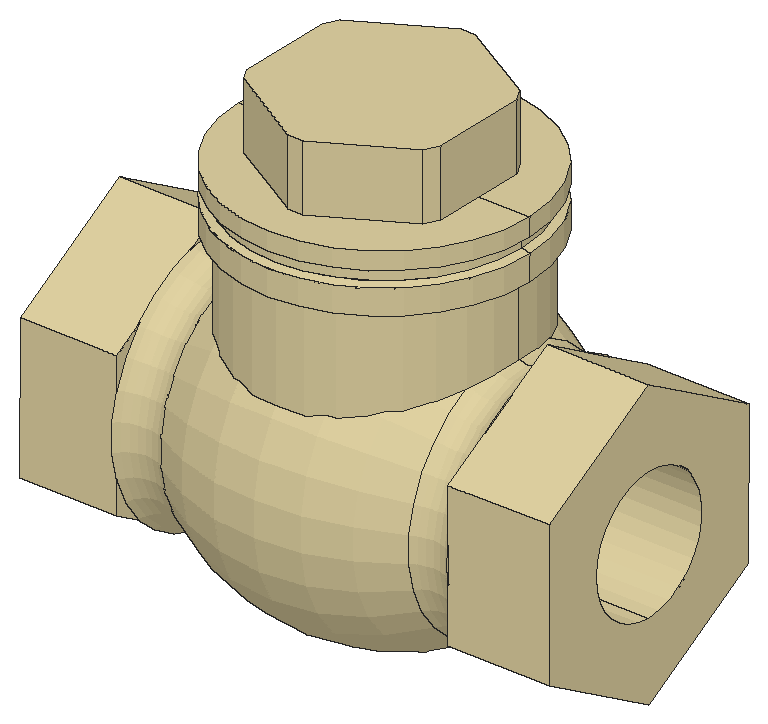
Revit family "DA04230000", category Apparecchi idraulici, Revit 2020
Family settings
  Quota connettore circolare = Usa diametro
  Tipo di parte = Normale
  Numero OmniClass = 23.45.00.00
  Titolo OmniClass = Sanitary, Laundry, and Cleaning Equipment
  Basato su piano di lavoro = No
  Sempre verticale = Sì
  Taglio con vuoti quando caricato = No
  Condiviso = No
  Punto di calcolo locali = No
Parameters
  URL = "https://web.cimberio.com/index.php/figura/686?subcategoria_id="
  Temperatura di esercizio = "-10 ÷ 180°C (3/8\" ÷ 2\"); -10 ÷ 170°C (2\"1/2 e 4\")"
  Prospetto di default = 0 mm
  Produttore = "CIMBERIO SPA"
  Pressione nominale = "PN 20 (3/8\" ÷ 2\"); PN 16 (2\"1/2 e 4\")"
  Modello = "Cim 79A"
  Materiale = "Prodotto in lega di bronzo conforme alla norma EN 1982-CC491K"
  Descrizione = "Impiegato nei più svariati settori dell'impiantistica in condutture anti-ritorno per: reti di distribuzione acqua potabile, impianti di riscaldamento, condizionamento, igienico-sanitari e in generale con ogni fluido non corrosivo"
  DN Model [instance] = DA04231015 : DA04231015
  DN [instance] = 15 mm
  Commenti sul tipo = "Realizzato in ottemperanza ai requisiti gestionali della norma EN ISO 9001.\r\nCollaudato al 100% secondo la normativa EN 12266-1"
Reference planes
  plane 1 "Centro (Fronte/Retro)": y = 0
  plane 2: z = 0
  plane 3 "Centro (Sinistra/Destra)": x = 0
Dimensions and locks
  aligned and locked: level to plane 2
Nested families
  nested 1: "DA04231015" at (0, 0, 0), type <- "DN Model", type "DA04231015"
  nested 2: "DA04231015" at (0, 0, 0), type <- "DN Model", type "DA04231015"
  nested 3: "DA04231015" at (0, 0, 0), type <- "DN Model", type "DA04231015"
  nested 4: "DA04231015" at (0, 0, 0), type <- "DN Model", type "DA04231015"
  nested 5: "DA04231015" at (0, 0, 0), type <- "DN Model", type "DA04231015"
  nested 6: "DA04231015" at (0, 0, 0), type <- "DN Model", type "DA04231015"
Connectors
  piping at (29, 0, 0), diameter 15, driven by "DN"
    settings: on nested 1, index 1, connector inside diameter 609.6 mm, connector length 0 mm, flow factor 0, pipe flow 0.0 L/s, pressure drop 0.0 Pa, fitting loss kfactor 0, connector angle 0.00°, fixture units 0, engagement length 0 mm, angle of deflection 0.00°, flow configuration 0, flow direction 0, fitting loss method 0, system type 7, joint type 0, gender type 0, connector reference index -1, connector utility 0, adjustable connector no, is connector primary yes, connector description ""
  piping at (-29, 0, 0), diameter 15, driven by "DN"
    settings: on nested 1, index 2, connector inside diameter 609.6 mm, connector length 0 mm, flow factor 0, pipe flow 0.0 L/s, pressure drop 0.0 Pa, fitting loss kfactor 0, connector angle 0.00°, fixture units 0, engagement length 0 mm, angle of deflection 0.00°, flow configuration 0, flow direction 0, fitting loss method 0, system type 7, joint type 0, gender type 0, connector reference index -1, connector utility 0, adjustable connector no, is connector primary no, connector description ""
Definition of nested family "DA04231015"
  Parameters (values of type "DA04231015")
    URL = ""
    Default Elevation = 0 mm
    Manufacturer = ""
    Model = ""
    Description = ""
    Type Comments = ""
  Reference planes
    plane 1 "Centro (Fronte/Retro)": y = 0
    plane 2: z = 0
    plane 3 "Centro (Sinistra/Destra)": x = 0
  Forms (mm)
    Revolve 1, solid
      sketch origin (0, 0, 0) x (1, 0, 0) y (0, 0, 1)
        loop
          line (18.787, -7.5) -> (-18.787, -7.5) -> (-18.787, -14.792)
          arc (-18.787, -14.792) -> (-16.404, -13.507) -> (-13.77, -14.135) r 3.801
          arc (-13.77, -14.135) -> (0.307, -18.475) -> (14.385, -14.135) r 25
          arc (14.385, -14.135) -> (16.6, -13.476) -> (18.787, -14.222) r 3.801
          line (18.787, -14.222) -> (18.787, -7.5)
        axis (-18.787, 0) -> (18.787, 0)
      angle from 0 to 360
    Extrusion 2, solid
      sketch origin (0, 0, 0) x (0, 0, 1) y (0, -1, 0)
        loop
          circle (0, 0) r 7.5
        loop
          line (16.25, 0) -> (8.125, 14.073) -> (-8.125, 14.073) -> (-16.25, 0) -> (-8.125, -14.073) -> (8.125, -14.073) -> (16.25, 0)
      from -29.693 to -18.787
    Revolve 3, solid
      sketch origin (0, 0, 0) x (1, 0, 0) y (0, 0, 1)
        loop
          line (0, 28.525) -> (-16.193, 28.525) -> (-16.193, 26.525) -> (-15.274, 26.525) -> (-15.274, 25.025) -> (-16.193, 24.725) -> (-16.193, 21.891) -> (-14.943, 21.556) -> (-14.943, 5.875) -> (0, 5.875) -> (0, 28.525)
        axis (0.307, 28.525) -> (0.307, 5.875)
      angle from 0 to 360
    Extrusion 4, solid
      sketch origin (0, 0, 0) x (1, 0, 0) y (0, 1, 0)
        loop
          arc (0.839, 12.221) -> (0, 12.25) -> (-0.839, 12.221) r 12.25
          line (-0.839, 12.221) -> (-10.165, 6.837)
          arc (-10.165, 6.837) -> (-10.609, 6.125) -> (-11.003, 5.384) r 12.25
          line (-11.003, 5.384) -> (-11.003, -5.384)
          arc (-11.003, -5.384) -> (-10.609, -6.125) -> (-10.165, -6.837) r 12.25
          line (-10.165, -6.837) -> (-0.839, -12.221)
          arc (-0.839, -12.221) -> (0, -12.25) -> (0.839, -12.221) r 12.25
          line (0.839, -12.221) -> (10.165, -6.837)
          arc (10.165, -6.837) -> (10.609, -6.125) -> (11.003, -5.384) r 12.25
          line (11.003, -5.384) -> (11.003, 5.384)
          arc (11.003, 5.384) -> (10.609, 6.125) -> (10.165, 6.837) r 12.25
          line (10.165, 6.837) -> (0.839, 12.221)
      from 28.525 to 36.025
    Extrusion 5, solid
      sketch origin (0, 0, 0) x (0, 0, 1) y (0, 1, 0)
        loop
          circle (0, 0) r 7.5
        loop
          line (16.25, 0) -> (8.125, 14.073) -> (-8.125, 14.073) -> (-16.25, 0) -> (-8.125, -14.073) -> (8.125, -14.073) -> (16.25, 0)
      from -30.307 to -18.787
  Dimensions and locks
    aligned and locked: level to plane 2
